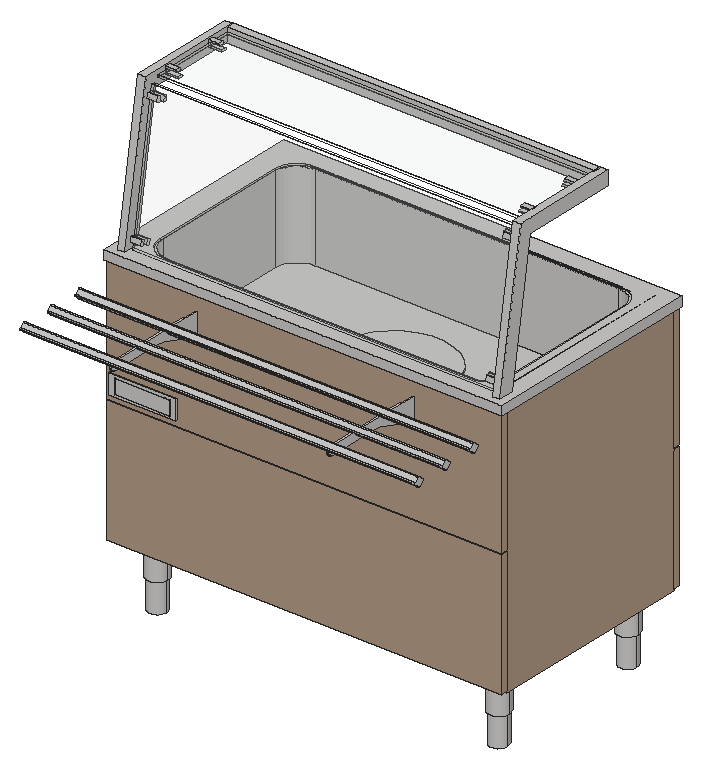
Revit family "QF_ELECTROLUXPROFESSIONAL_322082_F03H3AF01W", category Specialty Equipment, Revit 2018
Family settings
  Round Connector Dimension = Use Diameter
  Part Type = Normal
  Work Plane-Based = No
  Always vertical = Yes
  Cut with Voids When Loaded = No
  Shared = No
  Room Calculation Point = No
Parameters (values of type "Standard")
  Weight = 111.00 kg
  Watts = 0 W
  Volts = 220 V
  URL Manufacturer = "http://professional.electrolux.com"
  URL = "http://professional.electrolux.com"
  Steam Supply Size = 0 mm
  Steam Supply Minimum Pressure = 0.0 Pa
  Steam Supply Maximum Pressure = 0.0 Pa
  Steam Pounds per Hour = 0
  Show Clearance [instance] = yes
  Refrigeration Suction Line Size = 0 mm
  Refrigeration Liquid Line Size = 0 mm
  Refrigerant Compressor Remote = yes
  Manufacturer = "Electrolux Professional"
  Phase = 1
  Model = "F03H3AF01W"
  Length Actual = 1100 mm  # constant formula
  Item Number = "322082"
  Hot Water Size = 0 mm
  Height Actual = 1304 mm  # constant formula
  HP = "0 HP"
  Gas Size = 0 mm
  Gas KW = 0
  Gas Input Pressure = 0 W
  Direct Waste Size = 19.05 mm
  Description = "BAIN-MARIE, AIR VENTILATED, 3GN H=900MM OVERSHELF W/LED LIGHTS"
  Depth Actual = 915 mm  # constant formula
  Cycle = 60 Hz
  Condensate Return Size = 0 mm
  Compressed Air Volume = 0.0 L/s
  Compressed Air Size = 0 mm
  Compressed Air Pressure = 0.0 Pa
  Cold Water Size = 0 mm
  Accessory = yes
Values of the unnamed type that differ from the named types
  Volts = 0 V
  URL Manufacturer = ""
  Item Number = ""
  Cycle = 0 Hz
Reference planes
  plane 1 "Centro (Fronte/Retro)": y = 74.737
  plane 2: z = 0
  plane 3 "BACK": y = 384.737
  plane 4 "FRONT": y = -235.263
  plane 5: z = 900
  plane 6 "RIGHT": x = 35.731
  plane 7 "LEFT": x = -1064.269
  plane 8: x = -514.269
  plane 9: y = 664.737
  plane 10: y = -530.02
  plane 11: z = 178
  plane 12: z = 1304
  plane 13: z = 1222
  plane 14: y = 297.737
  plane 15: y = -148.263
  plane 16: x = -986.269
  plane 17: x = -42.269
  plane 18: x = -1060.269
  plane 19: y = -231.263
  plane 20: x = 31.731
  plane 21: y = 380.737
  plane 22: z = 874
  plane 23: y = 362.737
  plane 24: y = -213.263
  plane 25: z = 182
  plane 26: z = 527
  plane 27: z = 531
  plane 28: x = -212.269
  plane 29: x = -816.269
  plane 30: x = -1042.394
  plane 31: x = 13.856
  plane 32: x = -6.144
  plane 33: x = -1022.394
  plane 34: x = -1014.269
  plane 35: x = -14.269
  plane 36: y = 130.237
  plane 37: y = 19.237
  plane 38: y = 33.237
  plane 39: y = 116.237
  plane 40: x = -952.269
  plane 41: x = -69.269
Forms (mm)
  Extrusion 1, solid, material "QF_Finishes_Wood"
    sketch origin (0, 0, 0) x (1, 0, 0) y (0, 1, 0)
      loop
        line (-1060.269, 362.737) -> (-1060.269, -213.263) -> (31.731, -213.263) -> (31.731, 362.737) -> (-1060.269, 362.737)
    from 178 to 874
  Extrusion 2, solid, material "QF_Finishes_Wood"
    sketch origin (31.731, 362.737, 0) x (0, -1, 0) y (0, 0, -1)
      loop
        line (576, -182) -> (576, -527) -> (594, -527) -> (594, -182) -> (576, -182)
      loop
        line (576, -531) -> (576, -874) -> (594, -874) -> (594, -531) -> (576, -531)
    from 0 to -1092
  Extrusion 3, solid, material "QF_Finishes_Wood"
    sketch origin (31.731, -213.263, 0) x (0, 1, 0) y (0, 0, 1)
      loop
        line (576, 531) -> (594, 531) -> (594, 874) -> (576, 874) -> (576, 531)
    from 0 to -1092
  Extrusion 4, solid, material "QF_Finishes_Stainless Steel"
    sketch origin (0, 0, 0) x (1, 0, 0) y (0, 1, 0)
      loop
        line (-1064.269, 384.737) -> (-1064.269, -235.263) -> (35.731, -235.263) -> (35.731, 384.737) -> (-1064.269, 384.737)
    from 874 to 900
  Extrusion 5, solid, material "QF_Finishes_Stainless Steel"
    sketch origin (-217.269, 362.737, 0) x (0, -1, 0) y (0, 0, -1)
      loop
        arc (628.84, -832.7) -> (632.082, -833.911) -> (635.519, -834.32) r 14.5
        line (635.519, -834.32) -> (675.715, -834.32) -> (689.858, -820.177) -> (704, -834.32) -> (770.715, -834.32) -> (784.858, -820.177) -> (799, -834.32) -> (865.716, -834.32) -> (879.858, -820.177) -> (887.686, -828.005) -> (887.686, -821.352)
        arc (887.686, -821.352) -> (887.303, -819.435) -> (886.214, -817.81) r 4.999
        line (886.214, -817.81) -> (881.179, -812.776)
        arc (881.179, -812.776) -> (879.559, -811.698) -> (877.651, -811.32) r 5
        line (877.651, -811.32) -> (732.206, -811.32)
        arc (732.206, -811.32) -> (708.662, -809.221) -> (685.86, -802.991) r 133.106
        line (685.86, -802.991) -> (638.285, -785.32) -> (597.679, -770.12) -> (594, -770.12) -> (594, -832.7) -> (628.84, -832.7)
    from 0 to 5
  Extrusion 6, void
    sketch origin (0, 0, 0) x (1, 0, 0) y (0, 1, 0)
      loop
        line (-999.269, 273.737) -> (-999.269, -124.263)
        arc (-999.269, -124.263) -> (-981.402, -167.396) -> (-938.269, -185.263) r 61
        line (-938.269, -185.263) -> (-90.269, -185.263)
        arc (-90.269, -185.263) -> (-47.135, -167.396) -> (-29.269, -124.263) r 61
        line (-29.269, -124.263) -> (-29.269, 273.737)
        arc (-29.269, 273.737) -> (-47.135, 316.871) -> (-90.269, 334.737) r 61
        line (-90.269, 334.737) -> (-938.269, 334.737)
        arc (-938.269, 334.737) -> (-981.402, 316.871) -> (-999.269, 273.737) r 61
    from 580.121 to 900
  Extrusion 7, solid, material "QF_Finishes_Wood"
    sketch origin (419.731, -213.263, -348) x (0, 1, 0) y (0, 0, 1)
      loop
        line (576, 530) -> (594, 530) -> (594, 875) -> (576, 875) -> (576, 530)
    from -388 to -658.044
  Extrusion 8, solid, material "QF_Finishes_Wood"
    sketch origin (-234.269, -213.263, -348) x (0, 1, 0) y (0, 0, 1)
      loop
        line (576, 530) -> (594, 530) -> (594, 875) -> (576, 875) -> (576, 530)
    from -548.963 to -826
  Extrusion 9, solid, material "QF_Door-Drawer Clearances", visible <- "Show Clearance"
    sketch origin (0, -4, 0) x (1, 0, 0) y (0, 1, 0)
      loop
        line (-783.232, 384.737) -> (-238.312, 384.737) -> (-710.987, 657.636)
        arc (-710.987, 657.636) -> (-765.12, 525.955) -> (-783.232, 384.737) r 544.001
    from 182 to 527
  Extrusion 10, solid, material "QF_Finishes_Stainless Steel"
    sketch origin (-816.269, 362.737, 0) x (0, -1, 0) y (0, 0, -1)
      loop
        arc (628.84, -832.7) -> (632.082, -833.911) -> (635.519, -834.32) r 14.5
        line (635.519, -834.32) -> (675.715, -834.32) -> (689.858, -820.177) -> (704, -834.32) -> (770.715, -834.32) -> (784.858, -820.177) -> (799, -834.32) -> (865.716, -834.32) -> (879.858, -820.177) -> (887.686, -828.005) -> (887.686, -821.352)
        arc (887.686, -821.352) -> (887.303, -819.435) -> (886.214, -817.81) r 4.999
        line (886.214, -817.81) -> (881.179, -812.776)
        arc (881.179, -812.776) -> (879.559, -811.698) -> (877.651, -811.32) r 5
        line (877.651, -811.32) -> (732.206, -811.32)
        arc (732.206, -811.32) -> (708.662, -809.221) -> (685.86, -802.991) r 133.106
        line (685.86, -802.991) -> (638.285, -785.32) -> (597.679, -770.12) -> (594, -770.12) -> (594, -832.7) -> (628.84, -832.7)
    from 0 to 5
  Extrusion 11, solid, material "QF_Finishes_Stainless Steel"
    sketch origin (31.731, 362.737, 0) x (0, -1, 0) y (0, 0, -1)
      loop
        line (881.983, -846.337) -> (891.875, -836.445)
        arc (891.875, -836.445) -> (892.757, -834.322) -> (891.879, -832.198) r 3
        line (891.879, -832.198) -> (881.979, -822.299)
        arc (881.979, -822.299) -> (879.858, -821.42) -> (877.737, -822.299) r 3
        line (877.737, -822.299) -> (867.837, -832.198)
        arc (867.837, -832.198) -> (866.958, -834.32) -> (867.837, -836.441) r 3
        line (867.837, -836.441) -> (877.737, -846.34)
        arc (877.737, -846.34) -> (879.86, -847.219) -> (881.983, -846.337) r 3
      loop
        line (786.979, -846.34) -> (796.879, -836.441)
        arc (796.879, -836.441) -> (797.757, -834.32) -> (796.879, -832.198) r 3
        line (796.879, -832.198) -> (786.979, -822.299)
        arc (786.979, -822.299) -> (784.858, -821.42) -> (782.737, -822.299) r 3
        line (782.737, -822.299) -> (772.837, -832.198)
        arc (772.837, -832.198) -> (771.958, -834.317) -> (772.833, -836.437) r 3
        line (772.833, -836.437) -> (782.741, -846.345)
        arc (782.741, -846.345) -> (784.861, -847.219) -> (786.979, -846.34) r 3
      loop
        line (691.976, -846.343) -> (701.882, -836.438)
        arc (701.882, -836.438) -> (702.757, -834.318) -> (701.879, -832.198) r 3
        line (701.879, -832.198) -> (691.979, -822.299)
        arc (691.979, -822.299) -> (689.858, -821.42) -> (687.737, -822.299) r 3
        line (687.737, -822.299) -> (677.837, -832.198)
        arc (677.837, -832.198) -> (676.958, -834.32) -> (677.837, -836.441) r 3
        line (677.837, -836.441) -> (687.737, -846.34)
        arc (687.737, -846.34) -> (689.856, -847.219) -> (691.976, -846.343) r 3
    from 0 to -1092
  Extrusion 12, solid, material "QF_Finishes_Stainless Steel"
    sketch origin (31.731, 362.737, 0) x (0, -1, 0) y (0, 0, -1)
      loop
        line (206.477, -1264.379) -> (206.477, -1304) -> (507.108, -1304) -> (578.344, -900) -> (537.727, -900) -> (473.477, -1264.379) -> (206.477, -1264.379)
    from -17.875 to -37.875
  Extrusion 13, solid, material "QF_Finishes_Stainless Steel"
    sketch origin (-895.269, 362.737, 0) x (0, -1, 0) y (0, 0, 1)
      loop
        line (206.477, 1264.379) -> (473.477, 1264.379) -> (537.727, 900) -> (578.344, 900) -> (507.108, 1304) -> (206.477, 1304) -> (206.477, 1264.379)
    from 147.125 to 127.125
  Extrusion 14, solid, material "QF_Finishes_Glass"
    sketch origin (-133.269, -231.263, 531) x (0, 0, 1) y (-1, 0, 0)
      loop
        line (757.879, -119) -> (765.879, -119) -> (765.879, 881) -> (757.879, 881) -> (757.879, -119)
    from -361.5 to -120.204
  Extrusion 15, solid, material "QF_Finishes_Stainless Steel"
    sketch origin (0, 0, 0) x (1, 0, 0) y (0, 1, 0)
      loop
        line (-1022.394, 156.26) -> (-1022.394, 136.26) -> (-6.144, 136.26) -> (-6.144, 156.26) -> (-1022.394, 156.26)
    from 1264.379 to 1304
  Extrusion 16, solid, material "QF_Finishes_Glass"
    sketch origin (-133.269, 362.737, 0) x (0, -1, 0) y (0, 0, -1)
      loop
        line (494.569, -1282.974) -> (562.097, -900) -> (553.974, -900) -> (486.445, -1282.974) -> (494.569, -1282.974)
    from 119 to -881
  Extrusion 17, solid, material "QF_Finishes_Wood"
    sketch origin (314.688, -213.263, -348) x (0, 1, 0) y (0, 0, 1)
      loop
        line (576, 530) -> (594, 530) -> (594, 875) -> (576, 875) -> (576, 530)
    from -553 to -1097.92
  Extrusion 18, solid, material "QF_Finishes_Stainless Steel"
    sketch origin (-283.269, -64.263, 531) x (0, 0, 1) y (-1, 0, 0)
      loop
        line (765.879, 706.5) -> (770.879, 708.5) -> (770.879, 739.125) -> (750.879, 739.125) -> (750.879, 731) -> (751.974, 731) -> (751.974, 700.938) -> (755.879, 702.5) -> (755.879, 732) -> (765.879, 732) -> (765.879, 706.5)
    from 0 to 14
  Extrusion 19, solid, material "QF_Finishes_Stainless Steel"
    sketch origin (-283.269, 85.737, 531) x (0, 0, 1) y (-1, 0, 0)
      loop
        line (765.879, 706.5) -> (770.879, 708.5) -> (770.879, 739.125) -> (750.879, 739.125) -> (750.879, 731) -> (751.974, 731) -> (751.974, 700.938) -> (755.879, 702.5) -> (755.879, 732) -> (765.879, 732) -> (765.879, 706.5)
    from 0 to 14
  Extrusion 20, solid, material "QF_Finishes_Stainless Steel"
    sketch origin (-745.269, -64.263, 531) x (0, 0, 1) y (-1, 0, 0)
      loop
        line (765.879, -706.5) -> (765.879, -732) -> (755.879, -732) -> (755.879, -702.5) -> (751.974, -700.938) -> (751.974, -731) -> (750.879, -731) -> (750.879, -739.125) -> (770.879, -739.125) -> (770.879, -708.5) -> (765.879, -706.5)
    from 0 to 14
  Extrusion 21, solid, material "QF_Finishes_Stainless Steel"
    sketch origin (-745.269, 85.737, 531) x (0, 0, 1) y (-1, 0, 0)
      loop
        line (765.879, -706.5) -> (765.879, -732) -> (755.879, -732) -> (755.879, -702.5) -> (751.974, -700.938) -> (751.974, -731) -> (750.879, -731) -> (750.879, -739.125) -> (770.879, -739.125) -> (770.879, -708.5) -> (765.879, -706.5)
    from 0 to 14
  Extrusion 22, solid, material "QF_Finishes_Stainless Steel"
    sketch origin (-745.269, 619.458, 1129.907) x (0, -0.984808, 0.173648) y (-1, 0, 0)
      loop
        line (765.879, -706.5) -> (765.879, -732) -> (755.879, -732) -> (755.879, -702.5) -> (751.974, -700.938) -> (751.974, -731) -> (750.879, -731) -> (750.879, -739.125) -> (770.879, -739.125) -> (770.879, -708.5) -> (765.879, -706.5)
    from 0 to 14
  Extrusion 23, solid, material "QF_Finishes_Stainless Steel"
    sketch origin (-283.269, 619.458, 1129.907) x (0, -0.984808, 0.173648) y (-1, 0, 0)
      loop
        line (765.879, 706.5) -> (770.879, 708.5) -> (770.879, 739.125) -> (750.879, 739.125) -> (750.879, 731) -> (751.974, 731) -> (751.974, 700.938) -> (755.879, 702.5) -> (755.879, 732) -> (765.879, 732) -> (765.879, 706.5)
    from 0 to 14
  Extrusion 24, solid, material "QF_Finishes_Stainless Steel"
    sketch origin (-745.269, 562.154, 799.389) x (0, -0.984808, 0.173648) y (-1, 0, 0)
      loop
        line (765.879, -706.5) -> (765.879, -732) -> (755.879, -732) -> (755.879, -702.5) -> (751.974, -700.938) -> (751.974, -731) -> (750.879, -731) -> (750.879, -739.125) -> (770.879, -739.125) -> (770.879, -708.5) -> (765.879, -706.5)
    from 0 to 14
  Extrusion 25, solid, material "QF_Finishes_Stainless Steel"
    sketch origin (-283.269, 562.154, 799.389) x (0, -0.984808, 0.173648) y (-1, 0, 0)
      loop
        line (765.879, 706.5) -> (770.879, 708.5) -> (770.879, 739.125) -> (750.879, 739.125) -> (750.879, 731) -> (751.974, 731) -> (751.974, 700.938) -> (755.879, 702.5) -> (755.879, 732) -> (765.879, 732) -> (765.879, 706.5)
    from 0 to 14
  Extrusion 26, solid, material "QF_Finishes_Stainless Steel"
    sketch origin (-1193.537, 0, 0) x (-1, 0, 0) y (0, -1, 0)
      loop
        circle (-196.269, -124.737) r 10
    from 178 to 166
  Extrusion 27, solid, material "QF_Finishes_Stainless Steel"
    sketch origin (-1193.537, 149.474, 0) x (-1, 0, 0) y (0, -1, 0)
      loop
        circle (-196.269, 124.737) r 10
    from 178 to 166
Cuts and joins
  Extrusion 6 cuts Extrusion 1
  Extrusion 6 cuts Extrusion 4
Lines and regions (mm)
  symbolic lines
    curve 1: line (35.731, 384.737, 0) -> (35.731, -235.263, 0)
    curve 2: line (-1064.269, -235.263, 0) -> (-1064.269, 384.737, 0)
    curve 3: line (-1064.269, 384.737, 0) -> (35.731, 384.737, 0)
    curve 4: line (-1064.269, -235.263, 0) -> (35.731, -235.263, 0)
    curve 5: line (-14.269, -64.263, 0) -> (-14.269, 71.737, 0)
    curve 6: line (-1014.269, 71.737, 0) -> (-1014.269, -64.263, 0)
    curve 7: line (-1042.394, 156.26, 0) -> (13.856, 156.26, 0)
    curve 8: line (13.856, 156.26, 0) -> (13.856, -215.607, 0)
    curve 9: line (13.856, -215.607, 0) -> (-6.144, -215.607, 0)
    curve 10: line (-6.144, -215.607, 0) -> (-6.144, 156.26, 0)
    curve 11: line (-6.144, 136.26, 0) -> (-1022.394, 136.26, 0)
    curve 12: line (-1022.394, 156.26, 0) -> (-1022.394, -215.607, 0)
    curve 13: line (-1022.394, -215.607, 0) -> (-1042.394, -215.607, 0)
    curve 14: line (-1042.394, -215.607, 0) -> (-1042.394, 156.26, 0)
    curve 15: line (-1042.394, -144.371, 0) -> (-1022.394, -144.371, 0)
    curve 16: line (-6.144, -144.371, 0) -> (13.856, -144.371, 0)
    curve 17: line (-1014.269, 130.237, 0) -> (-1014.269, 85.737, 0)
    curve 18: line (-1014.269, 130.237, 0) -> (-14.269, 130.237, 0)
    curve 19: line (-14.269, 130.237, 0) -> (-14.269, 85.737, 0)
    curve 20: line (-14.269, -78.263, 0) -> (-14.269, -111.059, 0)
    curve 21: line (-6.144, 85.737, 0) -> (-44.331, 85.737, 0)
    curve 22: line (-44.331, 85.737, 0) -> (-44.331, 71.737, 0)
    curve 23: line (-44.331, 71.737, 0) -> (-6.144, 71.737, 0)
    curve 24: line (-6.144, -64.263, 0) -> (-44.331, -64.263, 0)
    curve 25: line (-44.331, -64.263, 0) -> (-44.331, -78.263, 0)
    curve 26: line (-44.331, -78.263, 0) -> (-6.144, -78.263, 0)
    curve 27: line (-1022.394, -64.263, 0) -> (-989.769, -64.263, 0)
    curve 28: line (-989.769, -64.263, 0) -> (-989.769, -78.263, 0)
    curve 29: line (-989.769, -78.263, 0) -> (-1022.394, -78.263, 0)
    curve 30: line (-1022.394, 85.737, 0) -> (-989.769, 85.737, 0)
    curve 31: line (-989.769, 85.737, 0) -> (-989.769, 71.737, 0)
    curve 32: line (-989.769, 71.737, 0) -> (-1022.394, 71.737, 0)
    curve 33: line (-1022.394, -142.14, 0) -> (-991.769, -142.14, 0)
    curve 34: line (-991.769, -142.14, 0) -> (-991.769, -139.709, 0)
    curve 35: line (-991.769, -139.709, 0) -> (-1022.394, -139.709, 0)
    curve 36: line (-991.769, -142.14, 0) -> (-989.769, -137.216, 0)
    curve 37: line (-1015.269, -134.785, 0) -> (-989.769, -134.785, 0)
    curve 38: line (-1015.269, -134.785, 0) -> (-1015.269, -124.937, 0)
    curve 39: line (-1015.269, -124.937, 0) -> (-1014.269, -124.937, 0)
    curve 40: line (-1015.269, -127.368, 0) -> (-1014.269, -127.368, 0)
    curve 41: line (-1022.394, -120.013, 0) -> (-1014.269, -120.013, 0)
    curve 42: line (-1014.269, -120.013, 0) -> (-1014.269, -121.091, 0)
    curve 43: line (-984.207, -121.091, 0) -> (-984.207, -123.708, 0)
    curve 44: line (-984.207, -121.091, 0) -> (-985.269, -123.708, 0)
    curve 45: line (-991.769, -139.709, 0) -> (-989.769, -134.785, 0)
    curve 46: line (-989.769, -134.785, 0) -> (-989.769, -137.216, 0)
    curve 47: line (-1014.269, -123.708, 0) -> (-1014.269, -134.785, 0)
    curve 48: line (-14.269, -131.831, 0) -> (-14.269, -123.708, 0)
    curve 49: line (-14.269, -123.708, 0) -> (-1014.269, -123.708, 0)
    curve 50: line (-6.144, -142.14, 0) -> (-36.769, -142.14, 0)
    curve 51: line (-36.769, -142.14, 0) -> (-36.769, -139.709, 0)
    curve 52: line (-36.769, -139.709, 0) -> (-6.144, -139.709, 0)
    curve 53: line (-36.769, -142.14, 0) -> (-38.769, -137.216, 0)
    curve 54: line (-13.269, -134.785, 0) -> (-38.769, -134.785, 0)
    curve 55: line (-13.269, -134.785, 0) -> (-13.269, -124.937, 0)
    curve 56: line (-13.269, -124.937, 0) -> (-14.269, -124.937, 0)
    curve 57: line (-13.269, -127.368, 0) -> (-14.269, -127.368, 0)
    curve 58: line (-6.144, -120.013, 0) -> (-14.269, -120.013, 0)
    curve 59: line (-14.269, -120.013, 0) -> (-14.269, -121.091, 0)
    curve 60: line (-44.331, -121.091, 0) -> (-44.331, -123.708, 0)
    curve 61: line (-44.331, -121.091, 0) -> (-43.268, -123.708, 0)
    curve 62: line (-36.769, -139.709, 0) -> (-38.769, -134.785, 0)
    curve 63: line (-38.769, -134.785, 0) -> (-38.769, -137.216, 0)
    curve 64: line (-14.269, -123.708, 0) -> (-14.269, -134.785, 0)
    curve 65: line (-1014.269, -142.14, 0) -> (-1014.269, -192.089, 0)
    curve 66: line (-1014.269, -177.317, 0) -> (-1022.394, -177.317, 0)
    curve 67: line (-1014.269, -182.241, 0) -> (-1015.269, -182.241, 0)
    curve 68: line (-1015.269, -184.672, 0) -> (-1014.269, -184.672, 0)
    curve 69: line (-1015.269, -182.241, 0) -> (-1015.269, -192.089, 0)
    curve 70: line (-1015.269, -192.089, 0) -> (-989.779, -192.089, 0)
    curve 71: line (-991.769, -197.013, 0) -> (-989.779, -192.089, 0)
    curve 72: line (-989.779, -192.089, 0) -> (-989.779, -194.52, 0)
    curve 73: line (-991.769, -199.444, 0) -> (-989.779, -194.52, 0)
    curve 74: line (-991.769, -197.013, 0) -> (-991.769, -199.444, 0)
    curve 75: line (-1022.394, -199.444, 0) -> (-991.769, -199.444, 0)
    curve 76: line (-991.769, -197.013, 0) -> (-1022.394, -197.013, 0)
    curve 77: line (-14.269, -177.317, 0) -> (-6.144, -177.317, 0)
    curve 78: line (-14.269, -182.241, 0) -> (-13.269, -182.241, 0)
    curve 79: line (-13.269, -184.672, 0) -> (-14.269, -184.672, 0)
    curve 80: line (-13.269, -182.241, 0) -> (-13.269, -192.089, 0)
    curve 81: line (-13.269, -192.089, 0) -> (-38.758, -192.089, 0)
    curve 82: line (-36.769, -197.013, 0) -> (-38.758, -192.089, 0)
    curve 83: line (-38.758, -192.089, 0) -> (-38.758, -194.52, 0)
    curve 84: line (-36.769, -199.444, 0) -> (-38.758, -194.52, 0)
    curve 85: line (-36.769, -197.013, 0) -> (-36.769, -199.444, 0)
    curve 86: line (-6.144, -199.444, 0) -> (-36.769, -199.444, 0)
    curve 87: line (-36.769, -197.013, 0) -> (-6.144, -197.013, 0)
    curve 88: line (-991.735, -199.36, 0) -> (-36.803, -199.36, 0)
    curve 89: line (-1014.269, -78.263, 0) -> (-1014.269, -111.059, 0)
    curve 90: line (-1014.269, -111.059, 0) -> (-14.269, -111.059, 0)
    curve 91: line (-1014.269, -131.831, 0) -> (-14.269, -131.831, 0)
    curve 92: line (-14.269, -142.14, 0) -> (-14.269, -192.089, 0)
    curve 93: line (-44.331, -121.091, 0) -> (-14.269, -121.091, 0)
    curve 94: line (-1014.269, -121.091, 0) -> (-984.207, -121.091, 0)
    curve 95: line (35.731, -515.263, 0) -> (-1064.269, -515.263, 0)
    curve 96: line (-1064.269, -515.263, 0) -> (-1064.269, -235.263, 0)
    curve 97: line (35.731, -235.263, 0) -> (35.731, -515.263, 0)
    curve 98: arc (-517.269, 74.737, 900) -> (-514.269, 71.737, 900) -> (-511.269, 74.737, 900) r 3
    curve 99: arc (-511.269, 74.737, 900) -> (-514.269, 77.737, 900) -> (-517.269, 74.737, 900) r 3
    curve 100: arc (-517.269, 54.737, 900) -> (-514.269, 51.737, 900) -> (-511.269, 54.737, 900) r 3
    curve 101: arc (-511.269, 54.737, 900) -> (-514.269, 57.737, 900) -> (-517.269, 54.737, 900) r 3
    curve 102: arc (-517.269, 34.737, 900) -> (-514.269, 31.737, 900) -> (-511.269, 34.737, 900) r 3
    curve 103: arc (-511.269, 34.737, 900) -> (-514.269, 37.737, 900) -> (-517.269, 34.737, 900) r 3
    curve 104: arc (-517.269, 14.737, 900) -> (-514.269, 11.737, 900) -> (-511.269, 14.737, 900) r 3
    curve 105: arc (-511.269, 14.737, 900) -> (-514.269, 17.737, 900) -> (-517.269, 14.737, 900) r 3
    curve 106: arc (-503.14, 15.416, 900) -> (-500.14, 12.416, 900) -> (-497.14, 15.416, 900) r 3
    curve 107: arc (-497.14, 15.416, 900) -> (-500.14, 18.416, 900) -> (-503.14, 15.416, 900) r 3
    curve 108: arc (-506.848, 34.792, 900) -> (-503.848, 31.792, 900) -> (-500.848, 34.792, 900) r 3
    curve 109: arc (-500.848, 34.792, 900) -> (-503.848, 37.792, 900) -> (-506.848, 34.792, 900) r 3
    curve 110: arc (-503.615, 56.259, 900) -> (-506.615, 59.259, 900) -> (-509.615, 56.259, 900) r 3
    curve 111: arc (-509.615, 56.259, 900) -> (-506.615, 53.259, 900) -> (-503.615, 56.259, 900) r 3
    curve 112: arc (-497.127, 60.595, 900) -> (-500.127, 63.595, 900) -> (-503.127, 60.595, 900) r 3
    curve 113: arc (-503.127, 60.595, 900) -> (-500.127, 57.595, 900) -> (-497.127, 60.595, 900) r 3
    curve 114: arc (-482.984, 46.453, 900) -> (-485.984, 49.453, 900) -> (-488.984, 46.453, 900) r 3
    curve 115: arc (-488.984, 46.453, 900) -> (-485.984, 43.453, 900) -> (-482.984, 46.453, 900) r 3
    curve 116: arc (-491.18, 38.203, 900) -> (-494.18, 41.203, 900) -> (-497.18, 38.203, 900) r 3
    curve 117: arc (-497.18, 38.203, 900) -> (-494.18, 35.203, 900) -> (-491.18, 38.203, 900) r 3
    curve 118: arc (-483.385, 19.785, 900) -> (-486.385, 22.785, 900) -> (-489.385, 19.785, 900) r 3
    curve 119: arc (-489.385, 19.785, 900) -> (-486.385, 16.785, 900) -> (-483.385, 19.785, 900) r 3
    curve 120: arc (-457.948, 60.608, 900) -> (-454.948, 57.608, 900) -> (-451.948, 60.608, 900) r 3
    curve 121: arc (-451.948, 60.608, 900) -> (-454.948, 63.608, 900) -> (-457.948, 60.608, 900) r 3
    curve 122: arc (-456.316, 46.854, 900) -> (-459.316, 49.854, 900) -> (-462.316, 46.854, 900) r 3
    curve 123: arc (-462.316, 46.854, 900) -> (-459.316, 43.854, 900) -> (-456.316, 46.854, 900) r 3
    curve 124: arc (-463.816, 36.943, 900) -> (-466.816, 39.943, 900) -> (-469.816, 36.943, 900) r 3
    curve 125: arc (-469.816, 36.943, 900) -> (-466.816, 33.943, 900) -> (-463.816, 36.943, 900) r 3
    curve 126: arc (-472.984, 29.132, 900) -> (-475.984, 32.132, 900) -> (-478.984, 29.132, 900) r 3
    curve 127: arc (-478.984, 29.132, 900) -> (-475.984, 26.132, 900) -> (-472.984, 29.132, 900) r 3
    curve 128: arc (-471.323, 64.317, 900) -> (-474.323, 67.317, 900) -> (-477.323, 64.317, 900) r 3
    curve 129: arc (-477.323, 64.317, 900) -> (-474.323, 61.317, 900) -> (-471.323, 64.317, 900) r 3
    curve 130: arc (-474.734, 54.649, 900) -> (-477.734, 57.649, 900) -> (-480.734, 54.649, 900) r 3
    curve 131: arc (-480.734, 54.649, 900) -> (-477.734, 51.649, 900) -> (-474.734, 54.649, 900) r 3
    curve 132: arc (-498.791, 67.083, 900) -> (-495.791, 64.083, 900) -> (-492.791, 67.083, 900) r 3
    curve 133: arc (-492.791, 67.083, 900) -> (-495.791, 70.083, 900) -> (-498.791, 67.083, 900) r 3
    curve 134: arc (-491.269, 74.737, 900) -> (-494.269, 77.737, 900) -> (-497.269, 74.737, 900) r 3
    curve 135: arc (-497.269, 74.737, 900) -> (-494.269, 71.737, 900) -> (-491.269, 74.737, 900) r 3
    curve 136: arc (-471.269, 74.737, 900) -> (-474.269, 77.737, 900) -> (-477.269, 74.737, 900) r 3
    curve 137: arc (-477.269, 74.737, 900) -> (-474.269, 71.737, 900) -> (-471.269, 74.737, 900) r 3
    curve 138: arc (-451.269, 74.737, 900) -> (-454.269, 77.737, 900) -> (-457.269, 74.737, 900) r 3
    curve 139: arc (-457.269, 74.737, 900) -> (-454.269, 71.737, 900) -> (-451.269, 74.737, 900) r 3
    curve 140: arc (-503.14, 134.058, 900) -> (-500.14, 137.058, 900) -> (-497.14, 134.058, 900) r 3
    curve 141: arc (-497.14, 134.058, 900) -> (-500.14, 131.058, 900) -> (-503.14, 134.058, 900) r 3
    curve 142: arc (-506.848, 114.682, 900) -> (-503.848, 117.682, 900) -> (-500.848, 114.682, 900) r 3
    curve 143: arc (-500.848, 114.682, 900) -> (-503.848, 111.682, 900) -> (-506.848, 114.682, 900) r 3
    curve 144: arc (-503.615, 93.215, 900) -> (-506.615, 90.215, 900) -> (-509.615, 93.215, 900) r 3
    curve 145: arc (-509.615, 93.215, 900) -> (-506.615, 96.215, 900) -> (-503.615, 93.215, 900) r 3
    curve 146: arc (-497.127, 88.879, 900) -> (-500.127, 85.879, 900) -> (-503.127, 88.879, 900) r 3
    curve 147: arc (-503.127, 88.879, 900) -> (-500.127, 91.879, 900) -> (-497.127, 88.879, 900) r 3
    curve 148: arc (-482.984, 103.021, 900) -> (-485.984, 100.021, 900) -> (-488.984, 103.021, 900) r 3
    curve 149: arc (-488.984, 103.021, 900) -> (-485.984, 106.021, 900) -> (-482.984, 103.021, 900) r 3
    curve 150: arc (-491.18, 111.271, 900) -> (-494.18, 108.271, 900) -> (-497.18, 111.271, 900) r 3
    curve 151: arc (-497.18, 111.271, 900) -> (-494.18, 114.271, 900) -> (-491.18, 111.271, 900) r 3
    curve 152: arc (-483.385, 129.69, 900) -> (-486.385, 126.69, 900) -> (-489.385, 129.69, 900) r 3
    curve 153: arc (-489.385, 129.69, 900) -> (-486.385, 132.69, 900) -> (-483.385, 129.69, 900) r 3
    curve 154: arc (-457.948, 88.866, 900) -> (-454.948, 91.866, 900) -> (-451.948, 88.866, 900) r 3
    curve 155: arc (-451.948, 88.866, 900) -> (-454.948, 85.866, 900) -> (-457.948, 88.866, 900) r 3
    curve 156: arc (-456.316, 102.621, 900) -> (-459.316, 99.621, 900) -> (-462.316, 102.621, 900) r 3
    curve 157: arc (-462.316, 102.621, 900) -> (-459.316, 105.621, 900) -> (-456.316, 102.621, 900) r 3
    curve 158: arc (-463.816, 112.531, 900) -> (-466.816, 109.531, 900) -> (-469.816, 112.531, 900) r 3
    curve 159: arc (-469.816, 112.531, 900) -> (-466.816, 115.531, 900) -> (-463.816, 112.531, 900) r 3
    curve 160: arc (-472.984, 120.342, 900) -> (-475.984, 117.342, 900) -> (-478.984, 120.342, 900) r 3
    curve 161: arc (-478.984, 120.342, 900) -> (-475.984, 123.342, 900) -> (-472.984, 120.342, 900) r 3
    curve 162: arc (-471.323, 85.157, 900) -> (-474.323, 82.157, 900) -> (-477.323, 85.157, 900) r 3
    curve 163: arc (-477.323, 85.157, 900) -> (-474.323, 88.157, 900) -> (-471.323, 85.157, 900) r 3
    curve 164: arc (-474.734, 94.825, 900) -> (-477.734, 91.825, 900) -> (-480.734, 94.825, 900) r 3
    curve 165: arc (-480.734, 94.825, 900) -> (-477.734, 97.825, 900) -> (-474.734, 94.825, 900) r 3
    curve 166: arc (-498.791, 82.391, 900) -> (-495.791, 85.391, 900) -> (-492.791, 82.391, 900) r 3
    curve 167: arc (-492.791, 82.391, 900) -> (-495.791, 79.391, 900) -> (-498.791, 82.391, 900) r 3
    curve 168: arc (-517.269, 94.737, 900) -> (-514.269, 97.737, 900) -> (-511.269, 94.737, 900) r 3
    curve 169: arc (-511.269, 94.737, 900) -> (-514.269, 91.737, 900) -> (-517.269, 94.737, 900) r 3
    curve 170: arc (-517.269, 114.737, 900) -> (-514.269, 117.737, 900) -> (-511.269, 114.737, 900) r 3
    curve 171: arc (-511.269, 114.737, 900) -> (-514.269, 111.737, 900) -> (-517.269, 114.737, 900) r 3
    curve 172: arc (-517.269, 134.737, 900) -> (-514.269, 137.737, 900) -> (-511.269, 134.737, 900) r 3
    curve 173: arc (-511.269, 134.737, 900) -> (-514.269, 131.737, 900) -> (-517.269, 134.737, 900) r 3
    curve 174: arc (-525.398, 15.416, 900) -> (-528.398, 12.416, 900) -> (-531.398, 15.416, 900) r 3
    curve 175: arc (-531.398, 15.416, 900) -> (-528.398, 18.416, 900) -> (-525.398, 15.416, 900) r 3
    curve 176: arc (-521.689, 34.792, 900) -> (-524.689, 31.792, 900) -> (-527.689, 34.792, 900) r 3
    curve 177: arc (-527.689, 34.792, 900) -> (-524.689, 37.792, 900) -> (-521.689, 34.792, 900) r 3
    curve 178: arc (-524.922, 56.259, 900) -> (-521.922, 59.259, 900) -> (-518.922, 56.259, 900) r 3
    curve 179: arc (-518.922, 56.259, 900) -> (-521.922, 53.259, 900) -> (-524.922, 56.259, 900) r 3
    curve 180: arc (-531.411, 60.595, 900) -> (-528.411, 63.595, 900) -> (-525.411, 60.595, 900) r 3
    curve 181: arc (-525.411, 60.595, 900) -> (-528.411, 57.595, 900) -> (-531.411, 60.595, 900) r 3
    curve 182: arc (-545.553, 46.453, 900) -> (-542.553, 49.453, 900) -> (-539.553, 46.453, 900) r 3
    curve 183: arc (-539.553, 46.453, 900) -> (-542.553, 43.453, 900) -> (-545.553, 46.453, 900) r 3
    curve 184: arc (-537.357, 38.203, 900) -> (-534.357, 41.203, 900) -> (-531.357, 38.203, 900) r 3
    curve 185: arc (-531.357, 38.203, 900) -> (-534.357, 35.203, 900) -> (-537.357, 38.203, 900) r 3
    curve 186: arc (-545.152, 19.785, 900) -> (-542.152, 22.785, 900) -> (-539.152, 19.785, 900) r 3
    curve 187: arc (-539.152, 19.785, 900) -> (-542.152, 16.785, 900) -> (-545.152, 19.785, 900) r 3
    curve 188: arc (-570.589, 60.608, 900) -> (-573.589, 57.608, 900) -> (-576.589, 60.608, 900) r 3
    curve 189: arc (-576.589, 60.608, 900) -> (-573.589, 63.608, 900) -> (-570.589, 60.608, 900) r 3
    curve 190: arc (-572.221, 46.854, 900) -> (-569.221, 49.854, 900) -> (-566.221, 46.854, 900) r 3
    curve 191: arc (-566.221, 46.854, 900) -> (-569.221, 43.854, 900) -> (-572.221, 46.854, 900) r 3
    curve 192: arc (-564.721, 36.943, 900) -> (-561.721, 39.943, 900) -> (-558.721, 36.943, 900) r 3
    curve 193: arc (-558.721, 36.943, 900) -> (-561.721, 33.943, 900) -> (-564.721, 36.943, 900) r 3
    curve 194: arc (-555.553, 29.132, 900) -> (-552.553, 32.132, 900) -> (-549.553, 29.132, 900) r 3
    curve 195: arc (-549.553, 29.132, 900) -> (-552.553, 26.132, 900) -> (-555.553, 29.132, 900) r 3
    curve 196: arc (-557.214, 64.317, 900) -> (-554.214, 67.317, 900) -> (-551.214, 64.317, 900) r 3
    curve 197: arc (-551.214, 64.317, 900) -> (-554.214, 61.317, 900) -> (-557.214, 64.317, 900) r 3
    curve 198: arc (-553.803, 54.649, 900) -> (-550.803, 57.649, 900) -> (-547.803, 54.649, 900) r 3
    curve 199: arc (-547.803, 54.649, 900) -> (-550.803, 51.649, 900) -> (-553.803, 54.649, 900) r 3
    curve 200: arc (-529.746, 67.083, 900) -> (-532.746, 64.083, 900) -> (-535.746, 67.083, 900) r 3
    curve 201: arc (-535.746, 67.083, 900) -> (-532.746, 70.083, 900) -> (-529.746, 67.083, 900) r 3
    curve 202: arc (-537.269, 74.737, 900) -> (-534.269, 77.737, 900) -> (-531.269, 74.737, 900) r 3
    curve 203: arc (-531.269, 74.737, 900) -> (-534.269, 71.737, 900) -> (-537.269, 74.737, 900) r 3
    curve 204: arc (-557.269, 74.737, 900) -> (-554.269, 77.737, 900) -> (-551.269, 74.737, 900) r 3
    curve 205: arc (-551.269, 74.737, 900) -> (-554.269, 71.737, 900) -> (-557.269, 74.737, 900) r 3
    curve 206: arc (-577.269, 74.737, 900) -> (-574.269, 77.737, 900) -> (-571.269, 74.737, 900) r 3
    curve 207: arc (-571.269, 74.737, 900) -> (-574.269, 71.737, 900) -> (-577.269, 74.737, 900) r 3
    curve 208: arc (-525.398, 134.058, 900) -> (-528.398, 137.058, 900) -> (-531.398, 134.058, 900) r 3
    curve 209: arc (-531.398, 134.058, 900) -> (-528.398, 131.058, 900) -> (-525.398, 134.058, 900) r 3
    curve 210: arc (-521.689, 114.682, 900) -> (-524.689, 117.682, 900) -> (-527.689, 114.682, 900) r 3
    curve 211: arc (-527.689, 114.682, 900) -> (-524.689, 111.682, 900) -> (-521.689, 114.682, 900) r 3
    curve 212: arc (-524.922, 93.215, 900) -> (-521.922, 90.215, 900) -> (-518.922, 93.215, 900) r 3
    curve 213: arc (-518.922, 93.215, 900) -> (-521.922, 96.215, 900) -> (-524.922, 93.215, 900) r 3
    curve 214: arc (-531.411, 88.879, 900) -> (-528.411, 85.879, 900) -> (-525.411, 88.879, 900) r 3
    curve 215: arc (-525.411, 88.879, 900) -> (-528.411, 91.879, 900) -> (-531.411, 88.879, 900) r 3
    curve 216: arc (-545.553, 103.021, 900) -> (-542.553, 100.021, 900) -> (-539.553, 103.021, 900) r 3
    curve 217: arc (-539.553, 103.021, 900) -> (-542.553, 106.021, 900) -> (-545.553, 103.021, 900) r 3
    curve 218: arc (-537.357, 111.271, 900) -> (-534.357, 108.271, 900) -> (-531.357, 111.271, 900) r 3
    curve 219: arc (-531.357, 111.271, 900) -> (-534.357, 114.271, 900) -> (-537.357, 111.271, 900) r 3
    curve 220: arc (-545.152, 129.69, 900) -> (-542.152, 126.69, 900) -> (-539.152, 129.69, 900) r 3
    curve 221: arc (-539.152, 129.69, 900) -> (-542.152, 132.69, 900) -> (-545.152, 129.69, 900) r 3
    curve 222: arc (-570.589, 88.866, 900) -> (-573.589, 91.866, 900) -> (-576.589, 88.866, 900) r 3
    curve 223: arc (-576.589, 88.866, 900) -> (-573.589, 85.866, 900) -> (-570.589, 88.866, 900) r 3
    curve 224: arc (-572.221, 102.621, 900) -> (-569.221, 99.621, 900) -> (-566.221, 102.621, 900) r 3
    curve 225: arc (-566.221, 102.621, 900) -> (-569.221, 105.621, 900) -> (-572.221, 102.621, 900) r 3
    curve 226: arc (-564.721, 112.531, 900) -> (-561.721, 109.531, 900) -> (-558.721, 112.531, 900) r 3
    curve 227: arc (-558.721, 112.531, 900) -> (-561.721, 115.531, 900) -> (-564.721, 112.531, 900) r 3
    curve 228: arc (-555.553, 120.342, 900) -> (-552.553, 117.342, 900) -> (-549.553, 120.342, 900) r 3
    curve 229: arc (-549.553, 120.342, 900) -> (-552.553, 123.342, 900) -> (-555.553, 120.342, 900) r 3
    curve 230: arc (-557.214, 85.157, 900) -> (-554.214, 82.157, 900) -> (-551.214, 85.157, 900) r 3
    curve 231: arc (-551.214, 85.157, 900) -> (-554.214, 88.157, 900) -> (-557.214, 85.157, 900) r 3
    curve 232: arc (-553.803, 94.825, 900) -> (-550.803, 91.825, 900) -> (-547.803, 94.825, 900) r 3
    curve 233: arc (-547.803, 94.825, 900) -> (-550.803, 97.825, 900) -> (-553.803, 94.825, 900) r 3
    curve 234: arc (-529.746, 82.391, 900) -> (-532.746, 85.391, 900) -> (-535.746, 82.391, 900) r 3
    curve 235: arc (-535.746, 82.391, 900) -> (-532.746, 79.391, 900) -> (-529.746, 82.391, 900) r 3
  symbolic lines, style "SpecialityEquipmentHiddenLines"
    curve 236: line (-95.269, 329.737, 0) -> (-933.269, 329.737, 0)
    curve 237: arc (-933.269, 329.737, 0) -> (-976.402, 311.871, 0) -> (-994.269, 268.737, 0) r 61
    curve 238: line (-994.269, 268.737, 0) -> (-994.269, -119.263, 0)
    curve 239: arc (-994.269, -119.263, 0) -> (-976.402, -162.396, 0) -> (-933.269, -180.263, 0) r 61
    curve 240: line (-933.269, -180.263, 0) -> (-95.269, -180.263, 0)
    curve 241: arc (-95.269, -180.263, 0) -> (-52.135, -162.396, 0) -> (-34.269, -119.263, 0) r 61
    curve 242: line (-34.269, -119.263, 0) -> (-34.269, 268.737, 0)
    curve 243: arc (-34.269, 268.737, 0) -> (-52.135, 311.871, 0) -> (-95.269, 329.737, 0) r 61
    curve 244: arc (-358.769, 74.737, 0) -> (-513.769, 229.737, 0) -> (-668.769, 74.737, 0) r 155
    curve 245: arc (-668.769, 74.737, 0) -> (-513.769, -80.263, 0) -> (-358.769, 74.737, 0) r 155
    curve 246: line (-674.269, 329.737, 0) -> (-674.269, -180.263, 0)
    curve 247: line (-354.269, 329.737, 0) -> (-354.269, -180.263, 0)
  symbolic lines, style "QF_Door-Drawer Clearances"
    curve 248: arc (-710.987, 653.636, 0) -> (-764.605, 523.887, 0) -> (-783.232, 384.737, 0) r 544.001
    curve 249: line (-245.24, 384.737, 0) -> (-710.987, 653.636, 0)
    curve 250: line (-285.24, 384.737, 0) -> (-720.987, 636.316, 0)
Dimensions and locks
  plane 7 "LEFT" to plane 6 "RIGHT" = 1100 mm
  equal spacing: plane 3 "BACK", plane 1 "Centro (Fronte/Retro)", plane 4 "FRONT"
  plane 3 "BACK" to plane 4 "FRONT" = 620 mm
  equal spacing: plane 7 "LEFT", plane 8, plane 6 "RIGHT"
  locked: plane 9 to plane 3 "BACK" at 280
  locked: plane 4 "FRONT" to plane 10 at 294.757
  locked: plane 11 to plane 2 at 178
  locked: plane 5 to plane 2 at 900
  locked: plane 12 to plane 2 at 1304
  locked: plane 13 to plane 2 at 1222
  locked: plane 3 "BACK" to plane 14 at 87
  locked: plane 7 "LEFT" to plane 16 at 78
  locked: plane 17 to plane 6 "RIGHT" at 78
  locked: plane 15 to plane 4 "FRONT" at 87
  locked: plane 3 "BACK" to plane 21 at 4
  locked: plane 7 "LEFT" to plane 18 at 4
  locked: plane 20 to plane 6 "RIGHT" at 4
  locked: plane 19 to plane 4 "FRONT" at 4
  locked: plane 5 to plane 22 at 26
  locked: plane 24 to plane 19 at 18
  locked: plane 21 to plane 23 at 18
  plane 20 to plane 28 = 244 mm
  plane 29 to plane 18 = 244 mm
  equal spacing: plane 30, plane 8, plane 31
  plane 30 to plane 31 = 1056.25 mm
  locked: plane 30 to plane 33 at 20
  locked: plane 32 to plane 31 at 20
  equal spacing: plane 34, plane 8, plane 35
  plane 34 to plane 35 = 1000 mm
  equal spacing: plane 36, plane 1 "Centro (Fronte/Retro)", plane 37
  plane 36 to plane 37 = 111 mm
  locked: plane 36 to plane 39 at 14
  locked: plane 38 to plane 37 at 14
  locked: plane 41 to plane 6 "RIGHT" at 105
  locked: plane 7 "LEFT" to plane 40 at 112
  plane 16 to plane 7 "LEFT" = 78 mm
  plane 6 "RIGHT" to plane 17 = 78 mm
  angle Extrusion 9 sketch curve to Extrusion 17 = 30.00°
  aligned and locked: level to plane 2
  aligned and locked: Extrusion 1 sketch curve to plane 23
  aligned and locked: plane 18 to Extrusion 1 sketch curve
  aligned and locked: plane 24 to Extrusion 1 sketch curve
  aligned and locked: Extrusion 1 sketch curve to plane 20
  aligned and locked: plane 22 to Extrusion 1
  aligned and locked: Extrusion 1 to plane 11
  aligned and locked: plane 25 to Extrusion 2 sketch curve
  aligned and locked: Extrusion 2 sketch curve to plane 24  (x2)
  aligned and locked: Extrusion 2 sketch curve to plane 26
  aligned and locked: plane 19 to Extrusion 2 sketch curve  (x2)
  aligned and locked: plane 27 to Extrusion 2 sketch curve
  aligned and locked: Extrusion 2 sketch curve to plane 22
  aligned and locked: Extrusion 2 to plane 18
  aligned and locked: Extrusion 3 to plane 18
  aligned and locked: Extrusion 4 sketch curve to plane 3 "BACK"
  aligned and locked: plane 7 "LEFT" to Extrusion 4 sketch curve
  aligned and locked: plane 4 "FRONT" to Extrusion 4 sketch curve
  aligned and locked: Extrusion 4 sketch curve to plane 6 "RIGHT"
  aligned and locked: Extrusion 4 to plane 22
  aligned and locked: plane 20 to Extrusion 7
  aligned and locked: Extrusion 8 to plane 18
  aligned and locked: plane 26 to Extrusion 9
  aligned and locked: Extrusion 7 to plane 25
  aligned and locked: Extrusion 8 to plane 25
  aligned and locked: plane 16 to nested 1
  aligned and locked: plane 17 to nested 2
  aligned and locked: nested 2 to plane 15
  aligned and locked: nested 1 to plane 15
  aligned and locked: nested 3 to plane 14
  aligned and locked: plane 16 to nested 4
  aligned and locked: plane 20 to Extrusion 11
  aligned and locked: Extrusion 11 to plane 18
  aligned and locked: nested 4 to plane 14
  aligned and locked: Extrusion 12 to plane 31
  aligned and locked: Extrusion 12 to plane 32
  aligned and locked: plane 33 to Extrusion 13
  aligned and locked: Extrusion 13 to plane 30
  aligned and locked: Extrusion 15 sketch curve to plane 32
  aligned and locked: plane 33 to Extrusion 15 sketch curve
  aligned and locked: Extrusion 15 to Extrusion 12
  aligned and locked: Extrusion 16 to plane 34
  aligned and locked: plane 35 to Extrusion 16
  aligned and locked: Extrusion 14 sketch curve to plane 35
  aligned and locked: plane 34 to Extrusion 14 sketch curve
  aligned and locked: plane 17 to nested 3
Automatic sketch dimensions
  curve 96 to plane 7 "LEFT" = 0 mm
  curve 15 to plane 30 = 0 mm
  curve 76 to plane 33 = 0 mm
  curve 89 to plane 34 = 0 mm
  curve 91 to plane 34 = 0 mm
  curve 6 to plane 34 = 0 mm
  curve 18 to plane 34 = 0 mm
  curve 68 to plane 34 = 0 mm
  plane 1 "Centro (Fronte/Retro)" to curve 245 = 0 mm
  curve 92 to plane 35 = 0 mm
  curve 48 to plane 35 = 0 mm
  curve 19 to plane 35 = 0 mm
  curve 5 to plane 35 = 0 mm
  curve 20 to plane 35 = 0 mm
  curve 23 to plane 32 = 0 mm
  curve 8 to plane 31 = 0 mm
  curve 97 to plane 4 "FRONT" = 0 mm
  curve 97 to plane 6 "RIGHT" = 0 mm
  plane 36 to curve 19 = 0 mm
  curve 2 to plane 3 "BACK" = 0 mm
  curve 37 to plane 34 = 1 mm
  curve 70 to plane 34 = 1 mm
  curve 94 to plane 34 = 0 mm
  curve 238 to plane 16 = 8 mm
  curve 73 to plane 16 = 5.5 mm
  curve 34 to plane 16 = 5.5 mm
  curve 71 to curve 73 = 1.989 mm
  curve 34 to curve 46 = 2 mm
  curve 31 to plane 16 = 3.5 mm
  curve 29 to plane 16 = 3.5 mm
  plane 16 to curve 94 = 2.062 mm
  curve 236 to plane 40 = 19 mm
  curve 239 to plane 40 = 19 mm
  plane 8 to curve 244 = 0.5 mm
  plane 41 to curve 240 = 26 mm
  plane 41 to curve 243 = 26 mm
  curve 24 to plane 17 = 2.062 mm
  curve 21 to plane 17 = 2.062 mm
  curve 60 to plane 17 = 2.062 mm
  plane 17 to curve 54 = 3.5 mm
  plane 17 to curve 82 = 3.511 mm
  curve 83 to curve 85 = 1.989 mm
  curve 53 to curve 50 = 2 mm
  plane 17 to curve 242 = 8 mm
  plane 35 to curve 58 = 0 mm
  curve 92 to curve 81 = 1 mm
  plane 35 to curve 54 = 1 mm
  plane 10 to curve 95 = 14.757 mm
  curve 14 to plane 24 = 2.344 mm
  curve 10 to plane 24 = 2.344 mm
  plane 24 to curve 74 = 13.819 mm
  plane 24 to curve 85 = 13.819 mm
  curve 73 to curve 76 = 2.431 mm
  curve 84 to curve 85 = 2.431 mm
  curve 82 to curve 83 = 2.493 mm
  curve 71 to curve 73 = 2.493 mm
  curve 72 to curve 71 = 2.431 mm
  curve 83 to curve 83 = 2.431 mm
  curve 80 to curve 80 = 9.848 mm
  curve 69 to curve 69 = 9.848 mm
  curve 240 to plane 15 = 32 mm
  plane 15 to curve 34 = 6.122 mm
  plane 15 to curve 50 = 6.122 mm
  curve 33 to curve 34 = 2.431 mm
  curve 50 to curve 52 = 2.431 mm
  curve 51 to curve 53 = 2.493 mm
  curve 34 to curve 36 = 2.493 mm
  curve 36 to curve 45 = 2.431 mm
  curve 53 to curve 62 = 2.431 mm
  curve 64 to curve 48 = 2.954 mm
  curve 91 to curve 39 = 6.894 mm
  curve 48 to curve 56 = 6.894 mm
  curve 39 to curve 47 = 1.229 mm
  curve 43 to curve 94 = 2.617 mm
  curve 48 to curve 93 = 2.617 mm
  curve 42 to curve 41 = 1.078 mm
  curve 59 to curve 59 = 1.078 mm
  curve 41 to curve 89 = 8.954 mm
  curve 242 to curve 25 = 41 mm
  curve 89 to curve 28 = 32.796 mm
  curve 25 to curve 24 = 14 mm
  curve 28 to curve 28 = 14 mm
  plane 1 "Centro (Fronte/Retro)" to curve 22 = 3 mm
  plane 1 "Centro (Fronte/Retro)" to curve 32 = 3 mm
  curve 30 to plane 1 "Centro (Fronte/Retro)" = 11 mm
  curve 22 to plane 1 "Centro (Fronte/Retro)" = 11 mm
  plane 36 to curve 7 = 26.023 mm
  curve 242 to plane 14 = 29 mm
  curve 73 to curve 88 = 0.034 mm
  plane 16 to curve 44 = 0.999 mm
  plane 29 to curve 246 = 142 mm
  plane 29 to curve 245 = 147.5 mm
  curve 247 to plane 28 = 142 mm
  curve 61 to plane 17 = 0.999 mm
  curve 79 to curve 78 = 2.431 mm
  curve 68 to curve 67 = 2.431 mm
  curve 78 to curve 77 = 4.924 mm
  curve 67 to curve 66 = 4.924 mm
  plane 15 to curve 16 = 3.892 mm
  curve 15 to curve 33 = 2.23 mm
  curve 40 to curve 38 = 2.431 mm
  curve 57 to curve 56 = 2.431 mm
  plane 36 to curve 11 = 6.023 mm
  Extrusion 1 to Extrusion 3 sketch curve = 0 mm
  Extrusion 3 sketch curve to Extrusion 1 = 0 mm
  Extrusion 3 sketch curve to Extrusion 3 sketch curve = 18 mm
  Extrusion 3 sketch curve to Extrusion 3 sketch curve = 343 mm
  Extrusion 5 sketch curve to plane 19 = 0 mm
  plane 4 "FRONT" to Extrusion 5 sketch curve = 0.321 mm
  Extrusion 5 sketch curve to plane 4 "FRONT" = 30.84 mm
  Extrusion 5 sketch curve to Extrusion 5 sketch curve = 6.66 mm
  Extrusion 5 sketch curve to Extrusion 5 sketch curve = 6.678 mm
  Extrusion 5 sketch curve to Extrusion 5 sketch curve = 2.785 mm
  Extrusion 5 sketch curve to Extrusion 5 sketch curve = 40.197 mm
  Extrusion 5 sketch curve to Extrusion 5 sketch curve = 10.145 mm
  Extrusion 5 sketch curve to Extrusion 5 sketch curve = 3.998 mm
  Extrusion 5 sketch curve to plane 22 = 39.68 mm  (x3)
  Extrusion 5 sketch curve to Extrusion 5 sketch curve = 14.142 mm  (x3)
  Extrusion 5 sketch curve to Extrusion 5 sketch curve = 28.206 mm
  Extrusion 5 sketch curve to Extrusion 5 sketch curve = 38.51 mm
  Extrusion 5 sketch curve to Extrusion 5 sketch curve = 14.143 mm
  plane 10 to Extrusion 5 sketch curve = 27.042 mm
  plane 10 to Extrusion 5 sketch curve = 15.107 mm
  Extrusion 5 sketch curve to Extrusion 5 sketch curve = 2.207 mm
  Extrusion 5 sketch curve to Extrusion 5 sketch curve = 3.528 mm  (x2)
  Extrusion 5 sketch curve to Extrusion 5 sketch curve = 2.829 mm
  plane 10 to Extrusion 5 sketch curve = 5.072 mm
  Extrusion 5 sketch curve to Extrusion 5 sketch curve = 1.62 mm
  Extrusion 5 sketch curve to Extrusion 5 sketch curve = 6.314 mm
  Extrusion 5 sketch curve to Extrusion 5 sketch curve = 6.653 mm
  Extrusion 5 sketch curve to Extrusion 5 sketch curve = 1.175 mm
  Extrusion 5 sketch curve to Extrusion 5 sketch curve = 3.858 mm
  Extrusion 5 sketch curve to Extrusion 5 sketch curve = 3.543 mm
  Extrusion 5 sketch curve to Extrusion 5 sketch curve = 23 mm
  Extrusion 5 sketch curve to Extrusion 5 sketch curve = 17.187 mm
  Extrusion 5 sketch curve to Extrusion 5 sketch curve = 34.499 mm
  Extrusion 5 sketch curve to Extrusion 5 sketch curve = 15.2 mm
  Extrusion 5 sketch curve to Extrusion 5 sketch curve = 0 mm
  Extrusion 6 sketch curve to plane 40 = 14 mm  (x2)
  plane 41 to Extrusion 6 sketch curve = 21 mm  (x2)
  plane 17 to Extrusion 6 sketch curve = 13 mm
  plane 24 to Extrusion 6 sketch curve = 28 mm
  plane 15 to Extrusion 6 sketch curve = 24 mm
  Extrusion 6 sketch curve to plane 14 = 24 mm  (x2)
  Extrusion 6 sketch curve to Extrusion 6 sketch curve = 0 mm  (x3)
  Extrusion 7 sketch curve to plane 23 = 0 mm
  Extrusion 7 sketch curve to plane 21 = 0 mm
  Extrusion 7 sketch curve to plane 25 = 0 mm
  Extrusion 7 sketch curve to plane 26 = 0 mm
  Extrusion 8 sketch curve to plane 23 = 0 mm
  Extrusion 8 sketch curve to plane 21 = 0 mm
  Extrusion 8 sketch curve to plane 25 = 0 mm
  Extrusion 8 sketch curve to plane 26 = 0 mm
  Extrusion 9 sketch curve to plane 21 = 0 mm
  plane 29 to Extrusion 9 sketch curve = 33.037 mm
  Extrusion 9 sketch curve to plane 3 "BACK" = 2 mm
  Extrusion 9 sketch curve to plane 28 = 26.966 mm
  Extrusion 9 sketch curve to Extrusion 9 sketch curve = 0.923 mm
  Extrusion 10 sketch curve to plane 19 = 0 mm
  plane 4 "FRONT" to Extrusion 10 sketch curve = 0.321 mm
  Extrusion 10 sketch curve to plane 4 "FRONT" = 30.84 mm
  Extrusion 10 sketch curve to Extrusion 10 sketch curve = 6.66 mm
  Extrusion 10 sketch curve to Extrusion 10 sketch curve = 6.678 mm
  Extrusion 10 sketch curve to Extrusion 10 sketch curve = 2.785 mm
  Extrusion 10 sketch curve to Extrusion 10 sketch curve = 40.197 mm
  Extrusion 10 sketch curve to Extrusion 10 sketch curve = 10.145 mm
  Extrusion 10 sketch curve to Extrusion 10 sketch curve = 3.998 mm
  Extrusion 10 sketch curve to plane 22 = 39.68 mm  (x3)
  Extrusion 10 sketch curve to Extrusion 10 sketch curve = 14.142 mm  (x3)
  Extrusion 10 sketch curve to Extrusion 10 sketch curve = 28.206 mm
  Extrusion 10 sketch curve to Extrusion 10 sketch curve = 38.51 mm
  Extrusion 10 sketch curve to Extrusion 10 sketch curve = 14.143 mm
  plane 10 to Extrusion 10 sketch curve = 27.042 mm
  plane 10 to Extrusion 10 sketch curve = 15.107 mm
  Extrusion 10 sketch curve to Extrusion 10 sketch curve = 2.207 mm
  Extrusion 10 sketch curve to Extrusion 10 sketch curve = 3.528 mm  (x2)
  Extrusion 10 sketch curve to Extrusion 10 sketch curve = 2.829 mm
  plane 10 to Extrusion 10 sketch curve = 5.072 mm
  Extrusion 10 sketch curve to Extrusion 10 sketch curve = 1.62 mm
  Extrusion 10 sketch curve to Extrusion 10 sketch curve = 6.314 mm
  Extrusion 10 sketch curve to Extrusion 10 sketch curve = 6.653 mm
  Extrusion 10 sketch curve to Extrusion 10 sketch curve = 1.175 mm
  Extrusion 10 sketch curve to Extrusion 10 sketch curve = 3.858 mm
  Extrusion 10 sketch curve to Extrusion 10 sketch curve = 3.543 mm
  Extrusion 10 sketch curve to Extrusion 10 sketch curve = 23 mm
  Extrusion 10 sketch curve to Extrusion 10 sketch curve = 17.187 mm
  Extrusion 10 sketch curve to Extrusion 10 sketch curve = 34.499 mm
  Extrusion 10 sketch curve to Extrusion 10 sketch curve = 15.2 mm
  Extrusion 10 sketch curve to Extrusion 10 sketch curve = 0 mm
  Extrusion 1 to Extrusion 11 sketch curve = 39.68 mm
  Extrusion 11 sketch curve to Extrusion 1 = 103.958 mm
  Extrusion 11 sketch curve to Extrusion 11 sketch curve = 9.899 mm  (x7)
  Extrusion 1 to Extrusion 11 sketch curve = 27.657 mm
  Extrusion 11 sketch curve to Extrusion 11 sketch curve = 2.118 mm  (x3)
  Extrusion 1 to Extrusion 11 sketch curve = 37.562 mm
  Extrusion 11 sketch curve to Extrusion 11 sketch curve = 2.124 mm  (x2)
  Extrusion 1 to Extrusion 11 sketch curve = 37.563 mm
  Extrusion 11 sketch curve to Extrusion 11 sketch curve = 70.951 mm
  Extrusion 1 to Extrusion 11 sketch curve = 41.802 mm  (x6)
  Extrusion 11 sketch curve to Extrusion 11 sketch curve = 0.004 mm
  Extrusion 11 sketch curve to Extrusion 11 sketch curve = 2.126 mm
  Extrusion 1 to Extrusion 11 sketch curve = 27.655 mm
  Extrusion 11 sketch curve to Extrusion 11 sketch curve = 9.908 mm
  Extrusion 11 sketch curve to Extrusion 11 sketch curve = 2.117 mm
  Extrusion 11 sketch curve to Extrusion 11 sketch curve = 9.9 mm  (x3)
  Extrusion 1 to Extrusion 11 sketch curve = 27.66 mm  (x3)
  Extrusion 11 sketch curve to Extrusion 11 sketch curve = 2.121 mm  (x16)
  Extrusion 1 to Extrusion 11 sketch curve = 37.559 mm  (x3)
  Extrusion 11 sketch curve to Extrusion 11 sketch curve = 70.958 mm
  Extrusion 11 sketch curve to Extrusion 11 sketch curve = 0 mm  (x12)
  Extrusion 1 to Extrusion 11 sketch curve = 51.701 mm  (x6)
  Extrusion 1 to Extrusion 11 sketch curve = 27.663 mm
  Extrusion 11 sketch curve to Extrusion 11 sketch curve = 2.125 mm
  Extrusion 1 to Extrusion 11 sketch curve = 37.555 mm
  Extrusion 1 to Extrusion 12 sketch curve = 206.477 mm
  Extrusion 1 to Extrusion 12 sketch curve = 102.523 mm
  Extrusion 12 sketch curve to Extrusion 12 sketch curve = 33.631 mm
  Extrusion 1 to Extrusion 12 sketch curve = 38.273 mm
  Extrusion 12 sketch curve to Extrusion 1 = 2.344 mm
  Extrusion 12 sketch curve to Extrusion 1 = 430 mm
  Extrusion 12 sketch curve to Extrusion 12 sketch curve = 39.621 mm
  Extrusion 12 sketch curve to Extrusion 1 = 26 mm
  Extrusion 13 sketch curve to plane 12 = 0 mm
  Extrusion 13 sketch curve to plane 5 = 0 mm
  plane 36 to Extrusion 13 sketch curve = 26.023 mm
  plane 15 to Extrusion 13 sketch curve = 37.523 mm
  plane 15 to Extrusion 13 sketch curve = 3.892 mm
  Extrusion 13 sketch curve to plane 15 = 26.727 mm
  Extrusion 13 sketch curve to plane 24 = 2.344 mm
  Extrusion 13 sketch curve to plane 12 = 39.621 mm
  Extrusion 14 sketch curve to plane 12 = 15.121 mm
  Extrusion 14 sketch curve to plane 12 = 7.121 mm
  plane 36 to Extrusion 15 sketch curve = 6.023 mm
  Extrusion 15 sketch curve to Extrusion 15 sketch curve = 20 mm
  Extrusion 16 sketch curve to plane 5 = 0 mm
  plane 15 to Extrusion 16 sketch curve = 24.555 mm
  Extrusion 16 sketch curve to Extrusion 16 sketch curve = 8.123 mm  (x2)
  plane 24 to Extrusion 16 sketch curve = 22.026 mm
  Extrusion 16 sketch curve to plane 12 = 21.026 mm
  Extrusion 17 sketch curve to plane 23 = 0 mm
  Extrusion 17 sketch curve to plane 21 = 0 mm
  Extrusion 17 sketch curve to plane 25 = 0 mm
  Extrusion 17 sketch curve to plane 26 = 0 mm
  Extrusion 18 sketch curve to plane 34 = 0 mm
  Extrusion 18 sketch curve to plane 33 = 0 mm
  Extrusion 18 sketch curve to plane 12 = 22.121 mm
  Extrusion 18 sketch curve to Extrusion 18 sketch curve = 1.095 mm
  plane 16 to Extrusion 18 sketch curve = 0.5 mm
  Extrusion 18 sketch curve to Extrusion 18 sketch curve = 3.905 mm
  Extrusion 18 sketch curve to plane 34 = 1 mm
  Extrusion 18 sketch curve to plane 12 = 7.121 mm
  Extrusion 18 sketch curve to plane 12 = 2.121 mm
  plane 16 to Extrusion 18 sketch curve = 2.062 mm
  Extrusion 18 sketch curve to plane 16 = 3.5 mm
  Extrusion 18 sketch curve to Extrusion 18 sketch curve = 2 mm
  Extrusion 19 sketch curve to plane 34 = 0 mm
  Extrusion 19 sketch curve to plane 33 = 0 mm
  Extrusion 19 sketch curve to plane 12 = 22.121 mm
  Extrusion 19 sketch curve to Extrusion 19 sketch curve = 1.095 mm
  plane 16 to Extrusion 19 sketch curve = 0.5 mm
  Extrusion 19 sketch curve to Extrusion 19 sketch curve = 3.905 mm
  Extrusion 19 sketch curve to plane 34 = 1 mm
  Extrusion 19 sketch curve to plane 12 = 7.121 mm
  Extrusion 19 sketch curve to plane 12 = 2.121 mm
  plane 16 to Extrusion 19 sketch curve = 2.062 mm
  Extrusion 19 sketch curve to plane 16 = 3.5 mm
  Extrusion 19 sketch curve to Extrusion 19 sketch curve = 2 mm
  Extrusion 20 sketch curve to plane 35 = 0 mm
  Extrusion 20 sketch curve to plane 32 = 0 mm
  Extrusion 20 sketch curve to plane 12 = 22.121 mm
  Extrusion 20 sketch curve to Extrusion 20 sketch curve = 1.095 mm
  Extrusion 20 sketch curve to plane 17 = 0.5 mm
  Extrusion 20 sketch curve to Extrusion 20 sketch curve = 3.905 mm
  plane 35 to Extrusion 20 sketch curve = 1 mm
  Extrusion 20 sketch curve to plane 12 = 7.121 mm
  Extrusion 20 sketch curve to plane 12 = 2.121 mm
  plane 17 to Extrusion 20 sketch curve = 5.5 mm
  plane 17 to Extrusion 20 sketch curve = 3.5 mm
  Extrusion 20 sketch curve to plane 17 = 2.062 mm
  Extrusion 21 sketch curve to plane 35 = 0 mm
  Extrusion 21 sketch curve to plane 32 = 0 mm
  Extrusion 21 sketch curve to plane 12 = 22.121 mm
  Extrusion 21 sketch curve to Extrusion 21 sketch curve = 1.095 mm
  Extrusion 21 sketch curve to plane 17 = 0.5 mm
  Extrusion 21 sketch curve to Extrusion 21 sketch curve = 3.905 mm
  plane 35 to Extrusion 21 sketch curve = 1 mm
  Extrusion 21 sketch curve to plane 12 = 7.121 mm
